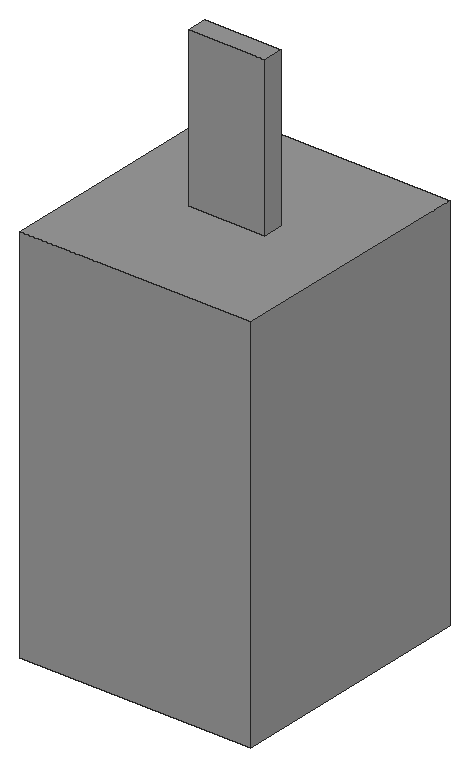
Revit family "690 V, 1-polig mit FS", category Generic Models, Revit 2015
Parameters (values of type "MCF 35-1+FS-440")
  Width = 68 mm
  URL = "http://www.obo-bettermann.com"
  Material = Aluminum
  Manufacturer Art.No. = "5096974"
  Manufacturer = "OBO Bettermann"
  Length = 73.2 mm
  Height 1 = 46.6 mm
  Height = 112.5 mm
  GTIN = "4012195990116"
  Article Type = "MCF 35-1+FS-440"
Reference planes
  plane 1 "Center (Front/Back)": y = 0
  plane 2: z = 0
  plane 3 "Center (Left/Right)": x = 0
  plane 4: z = 112.5
  plane 5: z = 159.1
Forms (mm)
  Extrusion 1, solid, material "Aluminum" <- "Material"
    sketch origin (0, 0, 0) x (1, 0, 0) y (0, 1, 0)
      loop
        line (-34, 36.6) -> (-34, -36.6) -> (34, -36.6) -> (34, 36.6) -> (-34, 36.6)
    from 0 to 112.5
  Extrusion 2, solid, material "Aluminum" <- "Material"
    sketch origin (0, 0, 0) x (1, 0, 0) y (0, 1, 0)
      loop
        line (-11.2, 3) -> (-11.2, -3) -> (11.2, -3) -> (11.2, 3) -> (-11.2, 3)
    from 112.5 to 159.1
Dimensions and locks
  "Width": Extrusion 1 sketch curve to Extrusion 1 sketch curve
  equal spacing: Extrusion 1 sketch curve, plane 3 "Center (Left/Right)", Extrusion 1 sketch curve, locked at 34 each
  "Length": Extrusion 1 sketch curve to Extrusion 1 sketch curve
  equal spacing: Extrusion 1 sketch curve, plane 1 "Center (Front/Back)", Extrusion 1 sketch curve, locked at 36.6 each
  "Height": plane 4 to level
  locked: Extrusion 2 sketch curve to Extrusion 2 sketch curve at 22.4
  equal spacing: Extrusion 2 sketch curve, plane 3 "Center (Left/Right)", Extrusion 2 sketch curve, locked at 11.2 each
  locked: Extrusion 2 sketch curve to Extrusion 2 sketch curve at 6
  equal spacing: Extrusion 2 sketch curve, plane 1 "Center (Front/Back)", Extrusion 2 sketch curve, locked at 3 each
  "Height 1": plane 5 to plane 4
  aligned and locked: level to plane 2
  aligned and locked: plane 4 to Extrusion 1
  aligned and locked: Extrusion 1 to level
  aligned and locked: Extrusion 2 to Extrusion 1
  aligned and locked: plane 5 to Extrusion 2
